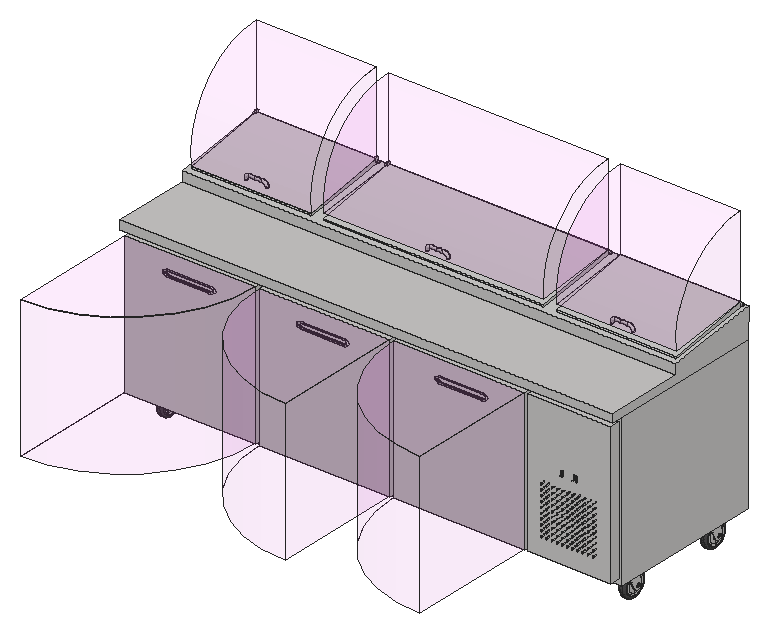
Revit family "QF_Kelvinator_738254_KCHPT92.12", category Specialty Equipment, Revit 2023 (continued)
Definition of nested family "KCHPT"
  Forms (in)
    Extrusion 41, solid
      from 1.5672 to 25.76153
    Sweep 42, solid
      path origin (8.15263, -29.19996, 32.23218) x (0, 0, -1) y (1, 0, 0)
        loop
          line (2.82291, 34.44693) -> (2.48479, 34.98793)
          arc (2.48479, 34.98793) -> (2.38541, 35.04301) -> (2.28604, 34.98793) r 0.11719
          line (2.28604, 34.98793) -> (1.94791, 34.44693) -> (1.94791, 26.10318) -> (2.28462, 25.56446)
          arc (2.28462, 25.56446) -> (2.38541, 25.50859) -> (2.48621, 25.56446) r 0.11887
          line (2.48621, 25.56446) -> (2.82291, 26.10318) -> (2.82291, 34.44693)
      profile origin (38.42768, -29.19996, 29.40927) x (0, 0, -1) y (0, -1, 0)
        loop
          line (0, 2.8) -> (0.25, 2.8)
          arc (0.25, 2.8) -> (0.125, 2.85269) -> (0, 2.8) r 0.17461
    Sweep 43, solid
      path origin (34.65263, -29.19996, 32.23218) x (0, 0, -1) y (1, 0, 0)
        loop
          line (2.82291, 34.45318) -> (2.48479, 34.99418)
          arc (2.48479, 34.99418) -> (2.38541, 35.04926) -> (2.28604, 34.99418) r 0.11719
          line (2.28604, 34.99418) -> (1.94791, 34.45318) -> (1.94791, 26.10318) -> (2.28462, 25.56446)
          arc (2.28462, 25.56446) -> (2.38541, 25.50859) -> (2.48621, 25.56446) r 0.11887
          line (2.48621, 25.56446) -> (2.82291, 26.10318) -> (2.82291, 34.45318)
      profile origin (64.93081, -29.19996, 29.40927) x (0, 0, -1) y (0, -1, 0)
        loop
          line (0, 2.8) -> (0.25, 2.8)
          arc (0.25, 2.8) -> (0.125, 2.85269) -> (0, 2.8) r 0.17461
    Extrusion 44, void
      sketch origin (8.15263, -31.99996, 32.23218) x (0, 0, 1) y (1, 0, 0)
        loop
          line (-1.94791, 26.10318) -> (-1.94791, 34.44693) -> (-2.28604, 34.98793)
          arc (-2.28604, 34.98793) -> (-2.38541, 35.04301) -> (-2.48479, 34.98793) r 0.11719
          line (-2.48479, 34.98793) -> (-2.82291, 34.44693) -> (-2.82291, 26.10318) -> (-2.48621, 25.56446)
          arc (-2.48621, 25.56446) -> (-2.38541, 25.50859) -> (-2.28462, 25.56446) r 0.11887
          line (-2.28462, 25.56446) -> (-1.94791, 26.10318)
      from 0 to 0.31887
    Extrusion 45, void
      sketch origin (34.65263, -31.99996, 32.23218) x (0, 0, 1) y (1, 0, 0)
        loop
          line (-1.94791, 26.10318) -> (-1.94791, 34.45318) -> (-2.28604, 34.99418)
          arc (-2.28604, 34.99418) -> (-2.38541, 35.04926) -> (-2.48479, 34.99418) r 0.11719
          line (-2.48479, 34.99418) -> (-2.82291, 34.45318) -> (-2.82291, 26.10318) -> (-2.48621, 25.56446)
          arc (-2.48621, 25.56446) -> (-2.38541, 25.50859) -> (-2.28462, 25.56446) r 0.11887
          line (-2.28462, 25.56446) -> (-1.94791, 26.10318)
      from 0 to 0.31887
    Extrusion 46, solid, visible <- "Show Clearance"
      sketch origin (0.80534, 0, 0) x (0, -1, 0) y (0, 0, 1)
        loop
          line (0.74307, 40.99337) -> (16.15625, 38.30126)
          arc (16.15625, 38.30126) -> (12.72088, 51.06043) -> (0.74307, 56.63989) r 15.64652
          line (0.74307, 56.63989) -> (0.74307, 40.99337)
      from 0 to -22.9
    Extrusion 47, solid, visible <- "Show Clearance"
      sketch origin (93.39466, 0, 0) x (0, -1, 0) y (0, 0, -1)
        loop
          line (0.73136, -40.92452) -> (0.73136, -56.45206)
          arc (0.73136, -56.45206) -> (12.32408, -51.25474) -> (16.15625, -39.14203) r 15.52754
          line (16.15625, -39.14203) -> (0.73136, -40.92452)
      from 0 to -22.9
    Extrusion 48, solid, visible <- "Show Clearance"
      sketch origin (48.89284, 0, 0) x (0, -1, 0) y (0, 0, -1)
        loop
          line (0.73136, -40.92452) -> (0.73136, -56.45206)
          arc (0.73136, -56.45206) -> (12.32408, -51.25474) -> (16.15625, -39.14203) r 15.52754
          line (16.15625, -39.14203) -> (0.73136, -40.92452)
      from 19.2 to -22.9
    Extrusion 49, solid, visible <- "Show Clearance"
      sketch origin (25.64679, -30.25, 6.4809) x (0, 1, 0) y (1, 0, 0)
        loop
          arc (-1.75, 0) -> (-19.42767, -7.32233) -> (-26.75, -25) r 25
          line (-26.75, -25) -> (-1.75, -25) -> (-1.75, 0)
        loop
          line (-1.75, 25.69547) -> (-26.75, 25.69547)
          arc (-26.75, 25.69547) -> (-19.42767, 8.0178) -> (-1.75, 0.69547) r 25
          line (-1.75, 0.69547) -> (-1.75, 25.69547)
        loop
          line (-1.75, 51.39547) -> (-26.75, 51.39547)
          arc (-26.75, 51.39547) -> (-19.42767, 33.7178) -> (-1.75, 26.39547) r 25
          line (-1.75, 26.39547) -> (-1.75, 51.39547)
      from 0 to -26.9
  Cuts and joins
    joined: Extrusion 4, Extrusion 5, Revolve 6, Sweep 7
    Extrusion 11 cuts Extrusion 8
    Extrusion 12 cuts Extrusion 2
    joined: Extrusion 14, Extrusion 15, Extrusion 16, Revolve 17, Revolve 18, Sweep 19
    Extrusion 32, Extrusion 44 cuts Extrusion 28
    Extrusion 44, Extrusion 45 cuts Extrusion 34
    Extrusion 45 cuts Extrusion 38
  Lines and regions (in)
    symbolic lines
      curve 1: line (0, 0, 0) -> (0, -32.3125, 0)
      curve 2: line (0, -17.4, 0) -> (94.1875, -17.4, 0)
      curve 3: line (94.1875, -32.3125, 0) -> (94.1875, 0, 0)
      curve 4: line (94.1875, 0, 0) -> (0, 0, 0)
      curve 5: line (0, -32.3125, 0) -> (94.1875, -32.3125, 0)
      curve 6: line (0.80534, -16.65751, 0) -> (23.70534, -16.65751, 0)
      curve 7: line (0.80534, -16.15625, 0) -> (23.70534, -16.15625, 0)
      curve 8: line (0.80534, -0.97488, 0) -> (0.80534, -16.65751, 0)
      curve 9: line (23.70534, -16.65751, 0) -> (23.70534, -0.97488, 0)
      curve 10: line (0.6648, -0.93994, 0) -> (0.94588, -0.93994, 0)
      curve 11: line (0.6648, -0.88039, 0) -> (0.94588, -0.88039, 0)
      curve 12: line (0.6648, -0.58362, 0) -> (0.94588, -0.58362, 0)
      curve 13: line (0.6648, -0.48188, 0) -> (0.94588, -0.48188, 0)
      curve 14: line (0.94588, -0.97488, 0) -> (0.94588, -0.34814, 0)
      curve 15: line (0.6648, -0.34814, 0) -> (0.6648, -0.97818, 0)
      curve 16: line (23.5648, -0.73136, 0) -> (0.94588, -0.73136, 0)
      curve 17: line (0.2849, -0.62438, 0) -> (0.2849, -0.92764, 0)
      curve 18: line (0.2849, -0.92764, 0) -> (0.32057, -0.92764, 0)
      curve 19: line (0.2849, -0.62438, 0) -> (0.32057, -0.62438, 0)
      curve 20: line (0.32057, -0.57383, 0) -> (0.32057, -0.97818, 0)
      curve 21: line (0.6648, -0.97818, 0) -> (0.32057, -0.97818, 0)
      curve 22: line (0.32057, -0.57383, 0) -> (0.6648, -0.57383, 0)
      curve 23: line (0.6648, -0.97488, 0) -> (0.94588, -0.97488, 0)
      curve 24: line (23.84588, -0.93994, 0) -> (23.5648, -0.93994, 0)
      curve 25: line (23.84588, -0.88039, 0) -> (23.5648, -0.88039, 0)
      curve 26: line (23.84588, -0.58362, 0) -> (23.5648, -0.58362, 0)
      curve 27: line (23.84588, -0.48188, 0) -> (23.5648, -0.48188, 0)
      curve 28: line (23.5648, -0.97488, 0) -> (23.5648, -0.34814, 0)
      curve 29: line (23.84588, -0.34814, 0) -> (23.84588, -0.97818, 0)
      curve 30: line (24.22053, -0.62438, 0) -> (24.22053, -0.92764, 0)
      curve 31: line (24.22053, -0.92764, 0) -> (24.18485, -0.92764, 0)
      curve 32: line (24.22053, -0.62438, 0) -> (24.18485, -0.62438, 0)
      curve 33: line (24.18485, -0.57383, 0) -> (24.18485, -0.97818, 0)
      curve 34: line (23.84588, -0.97818, 0) -> (24.18485, -0.97818, 0)
      curve 35: line (24.18485, -0.57383, 0) -> (23.84588, -0.57383, 0)
      curve 36: line (23.84588, -0.97488, 0) -> (23.5648, -0.97488, 0)
      curve 37: spline (44.75969, -15.22935, 0) -> (44.7641, -15.18301, 0) -> (44.77718, -15.1383, 0) -> (44.79845, -15.0968, 0) -> (44.82718, -15.05998, 0) -> (44.86235, -15.02914, 0) -> (44.90271, -15.00535, 0) -> (44.94684, -14.98947, 0) -> (44.9932, -14.98205, 0) -> (45.04013, -14.98336, 0) -> (45.08599, -14.99334, 0) -> (45.12916, -15.01165, 0) -> (45.16811, -15.03764, 0)
      curve 38: arc (44.75969, -15.22935, 0) -> (44.84595, -15.43762, 0) -> (45.0542, -15.52388, 0) r 0.29451
      curve 39: line (47.00969, -15.07149, 0) -> (45.59878, -15.07149, 0)
      curve 40: arc (45.16811, -15.03764, 0) -> (45.38278, -15.06302, 0) -> (45.59878, -15.07149, 0) r 2.75609
      curve 41: line (47.00969, -15.57149, 0) -> (45.69306, -15.57149, 0)
      curve 42: arc (45.0542, -15.52388, 0) -> (45.37274, -15.55957, 0) -> (45.69306, -15.57149, 0) r 4.31013
      curve 43: spline (49.25968, -15.22902, 0) -> (49.25522, -15.18271, 0) -> (49.2421, -15.13805, 0) -> (49.2208, -15.0966, 0) -> (49.19205, -15.05983, 0) -> (49.15688, -15.02903, 0) -> (49.11653, -15.00529, 0) -> (49.07241, -14.98945, 0) -> (49.02607, -14.98206, 0) -> (48.97917, -14.98338, 0) -> (48.93333, -14.99336, 0) -> (48.89019, -15.01167, 0) -> (48.85126, -15.03764, 0)
      curve 44: arc (49.25968, -15.22902, 0) -> (49.17355, -15.4375, 0) -> (48.96517, -15.52388, 0) r 0.29451
      curve 45: line (47.00969, -15.07149, 0) -> (48.4206, -15.07149, 0)
      curve 46: arc (48.85126, -15.03764, 0) -> (48.63659, -15.06302, 0) -> (48.4206, -15.07149, 0) r 2.75609
      curve 47: line (47.00969, -15.57149, 0) -> (48.32631, -15.57149, 0)
      curve 48: arc (48.96517, -15.52388, 0) -> (48.64663, -15.55957, 0) -> (48.32631, -15.57149, 0) r 4.31013
      curve 49: line (0.94588, -0.71931, 0) -> (23.5648, -0.71931, 0)
      curve 50: line (23.5648, -0.54253, 0) -> (0.94588, -0.54253, 0)
      curve 51: line (0.94588, -0.44954, 0) -> (23.5648, -0.44954, 0)
      curve 52: spline (10.10052, -15.22935, 0) -> (10.10493, -15.18301, 0) -> (10.11801, -15.1383, 0) -> (10.13929, -15.0968, 0) -> (10.16801, -15.05998, 0) -> (10.20318, -15.02914, 0) -> (10.24354, -15.00535, 0) -> (10.28768, -14.98947, 0) -> (10.33403, -14.98205, 0) -> (10.38096, -14.98336, 0) -> (10.42682, -14.99334, 0) -> (10.46999, -15.01165, 0) -> (10.50895, -15.03764, 0)
      curve 53: arc (10.10052, -15.22935, 0) -> (10.18678, -15.43762, 0) -> (10.39503, -15.52388, 0) r 0.29451
      curve 54: line (12.35052, -15.07149, 0) -> (10.93961, -15.07149, 0)
      curve 55: arc (10.50895, -15.03764, 0) -> (10.72361, -15.06302, 0) -> (10.93961, -15.07149, 0) r 2.75609
      curve 56: line (12.35052, -15.57149, 0) -> (11.03389, -15.57149, 0)
      curve 57: arc (10.39503, -15.52388, 0) -> (10.71358, -15.55957, 0) -> (11.03389, -15.57149, 0) r 4.31013
      curve 58: spline (14.60051, -15.22902, 0) -> (14.59605, -15.18271, 0) -> (14.58293, -15.13805, 0) -> (14.56163, -15.0966, 0) -> (14.53288, -15.05983, 0) -> (14.49772, -15.02903, 0) -> (14.45736, -15.00529, 0) -> (14.41324, -14.98945, 0) -> (14.36691, -14.98206, 0) -> (14.32, -14.98338, 0) -> (14.27416, -14.99336, 0) -> (14.23102, -15.01167, 0) -> (14.19209, -15.03764, 0)
      curve 59: arc (14.60051, -15.22902, 0) -> (14.51438, -15.4375, 0) -> (14.306, -15.52388, 0) r 0.29451
      curve 60: line (12.35052, -15.07149, 0) -> (13.76143, -15.07149, 0)
      curve 61: arc (14.19209, -15.03764, 0) -> (13.97742, -15.06302, 0) -> (13.76143, -15.07149, 0) r 2.75609
      curve 62: line (12.35052, -15.57149, 0) -> (13.66715, -15.57149, 0)
      curve 63: arc (14.306, -15.52388, 0) -> (13.98746, -15.55957, 0) -> (13.66715, -15.57149, 0) r 4.31013
      curve 64: line (93.39466, -16.65751, 0) -> (70.49466, -16.65751, 0)
      curve 65: line (93.39466, -16.15625, 0) -> (70.49466, -16.15625, 0)
      curve 66: line (93.39466, -0.97488, 0) -> (93.39466, -16.65751, 0)
      curve 67: line (70.49466, -16.65751, 0) -> (70.49466, -0.97488, 0)
      curve 68: line (93.5352, -0.93994, 0) -> (93.25412, -0.93994, 0)
      curve 69: line (93.5352, -0.88039, 0) -> (93.25412, -0.88039, 0)
      curve 70: line (93.5352, -0.58362, 0) -> (93.25412, -0.58362, 0)
      curve 71: line (93.5352, -0.48188, 0) -> (93.25412, -0.48188, 0)
      curve 72: line (93.25412, -0.97488, 0) -> (93.25412, -0.34814, 0)
      curve 73: line (93.5352, -0.34814, 0) -> (93.5352, -0.97818, 0)
      curve 74: line (70.6352, -0.73136, 0) -> (93.25412, -0.73136, 0)
      curve 75: line (93.9026, -0.62438, 0) -> (93.9026, -0.92764, 0)
      curve 76: line (93.9026, -0.92764, 0) -> (93.86693, -0.92764, 0)
      curve 77: line (93.9026, -0.62438, 0) -> (93.86693, -0.62438, 0)
      curve 78: line (93.86693, -0.57383, 0) -> (93.86693, -0.97818, 0)
      curve 79: line (93.5352, -0.97818, 0) -> (93.86693, -0.97818, 0)
      curve 80: line (93.86693, -0.57383, 0) -> (93.5352, -0.57383, 0)
      curve 81: line (93.5352, -0.97488, 0) -> (93.25412, -0.97488, 0)
      curve 82: line (70.35412, -0.93994, 0) -> (70.6352, -0.93994, 0)
      curve 83: line (70.35412, -0.88039, 0) -> (70.6352, -0.88039, 0)
      curve 84: line (70.35412, -0.58362, 0) -> (70.6352, -0.58362, 0)
      curve 85: line (70.35412, -0.48188, 0) -> (70.6352, -0.48188, 0)
      curve 86: line (70.6352, -0.97488, 0) -> (70.6352, -0.34814, 0)
      curve 87: line (70.35412, -0.34814, 0) -> (70.35412, -0.97818, 0)
      curve 88: line (69.97947, -0.62438, 0) -> (69.97947, -0.92764, 0)
      curve 89: line (69.97947, -0.92764, 0) -> (70.01515, -0.92764, 0)
      curve 90: line (69.97947, -0.62438, 0) -> (70.01515, -0.62438, 0)
      curve 91: line (70.01515, -0.57383, 0) -> (70.01515, -0.97818, 0)
      curve 92: line (70.35412, -0.97818, 0) -> (70.01515, -0.97818, 0)
      curve 93: line (70.01515, -0.57383, 0) -> (70.35412, -0.57383, 0)
      curve 94: line (70.35412, -0.97488, 0) -> (70.6352, -0.97488, 0)
      curve 95: line (93.25412, -0.71931, 0) -> (70.6352, -0.71931, 0)
      curve 96: line (70.6352, -0.54253, 0) -> (93.25412, -0.54253, 0)
      curve 97: line (93.25412, -0.44954, 0) -> (70.6352, -0.44954, 0)
      curve 98: line (68.09284, -16.65751, 0) -> (25.99284, -16.65751, 0)
      curve 99: line (68.09284, -16.15625, 0) -> (25.99284, -16.15625, 0)
      curve 100: line (68.09284, -0.97488, 0) -> (68.09284, -16.65751, 0)
      curve 101: line (25.99284, -16.65751, 0) -> (25.99284, -0.97488, 0)
      curve 102: line (68.23338, -0.93994, 0) -> (67.9523, -0.93994, 0)
      curve 103: line (68.23338, -0.88039, 0) -> (67.9523, -0.88039, 0)
      curve 104: line (68.23338, -0.58362, 0) -> (67.9523, -0.58362, 0)
      curve 105: line (68.23338, -0.48188, 0) -> (67.9523, -0.48188, 0)
      curve 106: line (67.9523, -0.97488, 0) -> (67.9523, -0.34814, 0)
      curve 107: line (68.23338, -0.34814, 0) -> (68.23338, -0.97818, 0)
      curve 108: line (26.13338, -0.73136, 0) -> (67.9523, -0.73136, 0)
      curve 109: line (68.60803, -0.62438, 0) -> (68.60803, -0.92764, 0)
      curve 110: line (68.60803, -0.92764, 0) -> (68.57235, -0.92764, 0)
      curve 111: line (68.60803, -0.62438, 0) -> (68.57235, -0.62438, 0)
      curve 112: line (68.57235, -0.57383, 0) -> (68.57235, -0.97818, 0)
      curve 113: line (68.23338, -0.97818, 0) -> (68.57235, -0.97818, 0)
      curve 114: line (68.57235, -0.57383, 0) -> (68.23338, -0.57383, 0)
      curve 115: line (68.23338, -0.97488, 0) -> (67.9523, -0.97488, 0)
      curve 116: line (25.8523, -0.93994, 0) -> (26.13338, -0.93994, 0)
      curve 117: line (25.8523, -0.88039, 0) -> (26.13338, -0.88039, 0)
      curve 118: line (25.8523, -0.58362, 0) -> (26.13338, -0.58362, 0)
      curve 119: line (25.8523, -0.48188, 0) -> (26.13338, -0.48188, 0)
      curve 120: line (26.13338, -0.97488, 0) -> (26.13338, -0.34814, 0)
      curve 121: line (25.8523, -0.34814, 0) -> (25.8523, -0.97818, 0)
      curve 122: line (25.47766, -0.62438, 0) -> (25.47766, -0.92764, 0)
      curve 123: line (25.47766, -0.92764, 0) -> (25.51334, -0.92764, 0)
      curve 124: line (25.47766, -0.62438, 0) -> (25.51334, -0.62438, 0)
      curve 125: line (25.51334, -0.57383, 0) -> (25.51334, -0.97818, 0)
      curve 126: line (25.8523, -0.97818, 0) -> (25.51334, -0.97818, 0)
      curve 127: line (25.51334, -0.57383, 0) -> (25.8523, -0.57383, 0)
      curve 128: line (25.8523, -0.97488, 0) -> (26.13338, -0.97488, 0)
      curve 129: line (67.9523, -0.71931, 0) -> (26.13338, -0.71931, 0)
      curve 130: line (26.13338, -0.54253, 0) -> (67.9523, -0.54253, 0)
      curve 131: line (67.9523, -0.44954, 0) -> (26.13338, -0.44954, 0)
      curve 132: spline (80.09407, -15.22935, 0) -> (80.09848, -15.18301, 0) -> (80.11155, -15.1383, 0) -> (80.13283, -15.0968, 0) -> (80.16156, -15.05998, 0) -> (80.19672, -15.02914, 0) -> (80.23708, -15.00535, 0) -> (80.28122, -14.98947, 0) -> (80.32757, -14.98205, 0) -> (80.37451, -14.98336, 0) -> (80.42037, -14.99334, 0) -> (80.46353, -15.01165, 0) -> (80.50249, -15.03764, 0)
      curve 133: arc (80.09407, -15.22935, 0) -> (80.18032, -15.43762, 0) -> (80.38858, -15.52388, 0) r 0.29451
      curve 134: line (82.34406, -15.07149, 0) -> (80.93315, -15.07149, 0)
      curve 135: arc (80.50249, -15.03764, 0) -> (80.71716, -15.06302, 0) -> (80.93315, -15.07149, 0) r 2.75609
      curve 136: line (82.34406, -15.57149, 0) -> (81.02743, -15.57149, 0)
      curve 137: arc (80.38858, -15.52388, 0) -> (80.70712, -15.55957, 0) -> (81.02743, -15.57149, 0) r 4.31013
      curve 138: spline (84.59406, -15.22913, 0) -> (84.58961, -15.18281, 0) -> (84.57651, -15.13813, 0) -> (84.55521, -15.09667, 0) -> (84.52648, -15.05988, 0) -> (84.49131, -15.02907, 0) -> (84.45095, -15.00532, 0) -> (84.40682, -14.98946, 0) -> (84.36049, -14.98206, 0) -> (84.31357, -14.98337, 0) -> (84.26772, -14.99336, 0) -> (84.22457, -15.01166, 0) -> (84.18563, -15.03764, 0)
      curve 139: arc (84.59406, -15.22913, 0) -> (84.50788, -15.43754, 0) -> (84.29954, -15.52388, 0) r 0.29451
      curve 140: line (82.34406, -15.07149, 0) -> (83.75497, -15.07149, 0)
      curve 141: arc (84.18563, -15.03764, 0) -> (83.97097, -15.06302, 0) -> (83.75497, -15.07149, 0) r 2.75609
      curve 142: line (82.34406, -15.57149, 0) -> (83.66069, -15.57149, 0)
      curve 143: arc (84.29954, -15.52388, 0) -> (83.981, -15.55957, 0) -> (83.66069, -15.57149, 0) r 4.31013
      curve 150: line (93.5352, -0.34814, 0) -> (93.25412, -0.34814, 0)
      curve 151: line (70.35412, -0.34814, 0) -> (70.6352, -0.34814, 0)
      curve 152: line (67.9523, -0.34814, 0) -> (68.23338, -0.34814, 0)
      curve 153: line (25.8523, -0.34814, 0) -> (26.13338, -0.34814, 0)
      curve 154: line (23.5648, -0.34814, 0) -> (23.84588, -0.34814, 0)
      curve 155: line (0.6648, -0.34814, 0) -> (0.94588, -0.34814, 0)
    symbolic lines, visible <- "Show Clearance"
      curve 144: arc (25.64554, -32.3125, 0) -> (24.76228, -38.65364, 0) -> (22.29743, -44.5625, 0) r 25
      curve 145: line (1.0798, -32.3125, 0) -> (22.29743, -44.5625, 0)
      curve 146: arc (29.69163, -44.5625, 0) -> (27.22677, -38.65364, 0) -> (26.34351, -32.3125, 0) r 25
      curve 147: line (29.69163, -44.5625, 0) -> (50.90925, -32.3125, 0)
      curve 148: arc (55.39163, -44.5625, 0) -> (52.92677, -38.65364, 0) -> (52.04351, -32.3125, 0) r 25
      curve 149: line (55.39163, -44.5625, 0) -> (76.60925, -32.3125, 0)
  Dimensions and locks (in)
    equal spacing: plane 3 "LEFT", plane 7 "Center Y", plane 4 "RIGHT"
    "Length": plane 3 "LEFT" to plane 4 "RIGHT"
    equal spacing: plane 5 "FRONT", plane 8 "Center X", plane 1 "BACK"
    "Depth": plane 5 "FRONT" to plane 1 "BACK"
    "Height": plane 6 "TOP" to level
    plane 5 "FRONT" to plane 1 "BACK" = 32 5/16"
    plane 9 to plane 1 "BACK" = 17.4"
    plane 10 to plane 11 = 28.3"
    plane 12 to plane 10 = 5.9"
    plane 6 "TOP" to plane 11 = 35.27917"
    plane 13 to plane 10 = 1.6"
    level to plane 14 = 5 1/2"
    plane 16 to plane 15 = 26.8"
    locked: plane 19 to plane 17 at 42.1
    Extrusion 22 to Extrusion 22 = 22.9"
    plane 3 "LEFT" to plane 4 "RIGHT" = 94 3/16"
    aligned and locked: level to plane 2
    aligned and locked: Extrusion 13 to Extrusion 1
    aligned and locked: Extrusion 1 to plane 4 "RIGHT"
    aligned and locked: Extrusion 3 to plane 4 "RIGHT"
    aligned and locked: cut or joined group of Extrusion 14, Extrusion 15, Extrusion 16, Revolve 17, Revolve 18, Sweep 19 to plane 18
    aligned and locked: cut or joined group of Extrusion 4, Extrusion 5, Revolve 6, Sweep 7 to plane 17
  Automatic sketch dimensions
    Extrusion 3 sketch curve to plane 5 "FRONT" = 0"
    Extrusion 3 sketch curve to plane 9 = 0"
    Extrusion 3 sketch curve to plane 1 "BACK" = 0"
    Extrusion 3 sketch curve to plane 10 = 0"
    Extrusion 3 sketch curve to plane 13 = 0"
    Extrusion 3 sketch curve to plane 12 = 0"
    Extrusion 3 sketch curve to Extrusion 3 sketch curve = 2"
    Extrusion 4 sketch curve to plane 8 "Center X" = 0"
    Extrusion 4 sketch curve to plane 8 "Center X" = 0.50126"
    Extrusion 4 sketch curve to plane 6 "TOP" = 0.38798"
    plane 1 "BACK" to Extrusion 4 sketch curve = 0.73136"
    Extrusion 4 sketch curve to plane 12 = 0.07935"
    plane 1 "BACK" to Extrusion 4 sketch curve = 0.60032"
    Extrusion 5 sketch curve to plane 6 "TOP" = 0"
    Extrusion 5 sketch curve to plane 6 "TOP" = 0.4535"
    plane 1 "BACK" to Extrusion 5 sketch curve = 0.97488"
    Extrusion 5 sketch curve to Extrusion 5 sketch curve = 0.03494"
    Extrusion 5 sketch curve to plane 6 "TOP" = 0.10315"
    Extrusion 5 sketch curve to Extrusion 5 sketch curve = 0.05955"
    Extrusion 5 sketch curve to plane 12 = 0.14487"
    plane 1 "BACK" to Extrusion 5 sketch curve = 0.84383"
    Extrusion 5 sketch curve to Extrusion 5 sketch curve = 0.24784"
    Extrusion 5 sketch curve to plane 6 "TOP" = 0.30034"
    Extrusion 5 sketch curve to Extrusion 5 sketch curve = 0.03226"
    Extrusion 5 sketch curve to plane 6 "TOP" = 0.26026"
    Extrusion 5 sketch curve to Extrusion 5 sketch curve = 0.04008"
    Extrusion 5 sketch curve to Extrusion 5 sketch curve = 0.05475"
    Extrusion 5 sketch curve to plane 6 "TOP" = 0.25129"
    Extrusion 5 sketch curve to Extrusion 5 sketch curve = 0.03347"
    Extrusion 5 sketch curve to plane 6 "TOP" = 0.06671"
    Extrusion 5 sketch curve to Extrusion 5 sketch curve = 0.0376"
    Extrusion 5 sketch curve to plane 6 "TOP" = 0.16845"
    Extrusion 5 sketch curve to Extrusion 5 sketch curve = 0.10174"
    Extrusion 5 sketch curve to plane 12 = 0.07935"
    Extrusion 5 sketch curve to plane 6 "TOP" = 0.45216"
    Extrusion 5 sketch curve to Extrusion 5 sketch curve = 0.12039"
    Sweep 7 sketch curve to plane 7 "Center Y" = 0.08824"
    Sweep 7 sketch curve to Sweep 7 sketch curve = 3/4"  (x2)
    Sweep 7 sketch curve to Sweep 7 sketch curve = 1 1/4"
    plane 7 "Center Y" to Sweep 7 sketch curve = 1.16176"
    Sweep 7 sketch curve to Sweep 7 sketch curve = 3/16"  (x2)
    profile plane to Sweep 7 sketch curve = 0"  (x2)
    Extrusion 14 sketch curve to plane 8 "Center X" = 0"
    Extrusion 14 sketch curve to plane 8 "Center X" = 0.50126"
    Extrusion 14 sketch curve to plane 6 "TOP" = 0.38798"
    plane 1 "BACK" to Extrusion 14 sketch curve = 0.73136"
    Extrusion 14 sketch curve to plane 12 = 0.07935"
    plane 1 "BACK" to Extrusion 14 sketch curve = 0.60032"
    Extrusion 15 sketch curve to plane 6 "TOP" = 0"
    Extrusion 15 sketch curve to plane 6 "TOP" = 0.4535"
    plane 1 "BACK" to Extrusion 15 sketch curve = 0.97488"
    Extrusion 15 sketch curve to Extrusion 15 sketch curve = 0.03494"
    Extrusion 15 sketch curve to plane 6 "TOP" = 0.10315"
    Extrusion 15 sketch curve to Extrusion 15 sketch curve = 0.05955"
    Extrusion 15 sketch curve to plane 12 = 0.14487"
    plane 1 "BACK" to Extrusion 15 sketch curve = 0.84383"
    Extrusion 15 sketch curve to Extrusion 15 sketch curve = 0.24784"
    Extrusion 15 sketch curve to plane 6 "TOP" = 0.30034"
    Extrusion 15 sketch curve to Extrusion 15 sketch curve = 0.03226"
    Extrusion 15 sketch curve to plane 6 "TOP" = 0.26026"
    Extrusion 15 sketch curve to Extrusion 15 sketch curve = 0.04008"
    Extrusion 15 sketch curve to Extrusion 15 sketch curve = 0.01467"
    Extrusion 15 sketch curve to plane 6 "TOP" = 0.25129"
    Extrusion 15 sketch curve to Extrusion 15 sketch curve = 0.03347"
    Extrusion 15 sketch curve to plane 6 "TOP" = 0.06671"
    Extrusion 15 sketch curve to Extrusion 15 sketch curve = 0.0376"
    Extrusion 15 sketch curve to plane 6 "TOP" = 0.16845"
    Extrusion 15 sketch curve to Extrusion 15 sketch curve = 0.10174"
    Extrusion 15 sketch curve to plane 12 = 0.07935"
    Extrusion 15 sketch curve to plane 6 "TOP" = 0.45216"
    Extrusion 15 sketch curve to Extrusion 15 sketch curve = 0.12039"
    Extrusion 16 sketch curve to plane 6 "TOP" = 0"
    Extrusion 16 sketch curve to plane 6 "TOP" = 0.4535"
    plane 1 "BACK" to Extrusion 16 sketch curve = 0.97488"
    Extrusion 16 sketch curve to Extrusion 16 sketch curve = 0.03494"
    Extrusion 16 sketch curve to plane 6 "TOP" = 0.10315"
    Extrusion 16 sketch curve to Extrusion 16 sketch curve = 0.05955"
    Extrusion 16 sketch curve to plane 12 = 0.14487"
    plane 1 "BACK" to Extrusion 16 sketch curve = 0.84383"
    Extrusion 16 sketch curve to Extrusion 16 sketch curve = 0.24784"
    Extrusion 16 sketch curve to plane 6 "TOP" = 0.30034"
    Extrusion 16 sketch curve to Extrusion 16 sketch curve = 0.03226"
    Extrusion 16 sketch curve to plane 6 "TOP" = 0.26026"
    Extrusion 16 sketch curve to Extrusion 16 sketch curve = 0.04008"
    Extrusion 16 sketch curve to Extrusion 16 sketch curve = 0.01467"
    Extrusion 16 sketch curve to plane 6 "TOP" = 0.25129"
    Extrusion 16 sketch curve to Extrusion 16 sketch curve = 0.03347"
    Extrusion 16 sketch curve to plane 6 "TOP" = 0.06671"
    Extrusion 16 sketch curve to Extrusion 16 sketch curve = 0.0376"
    Extrusion 16 sketch curve to plane 6 "TOP" = 0.16845"
    Extrusion 16 sketch curve to Extrusion 16 sketch curve = 0.10174"
    Extrusion 16 sketch curve to plane 12 = 0.07935"
    Extrusion 16 sketch curve to plane 6 "TOP" = 0.45216"
    Extrusion 16 sketch curve to Extrusion 16 sketch curve = 0.12039"
    Extrusion 20 sketch curve to plane 6 "TOP" = 0"
    Extrusion 20 sketch curve to plane 6 "TOP" = 0.4535"
    plane 1 "BACK" to Extrusion 20 sketch curve = 0.97488"
    Extrusion 20 sketch curve to Extrusion 20 sketch curve = 0.03494"
    Extrusion 20 sketch curve to plane 6 "TOP" = 0.10315"
    Extrusion 20 sketch curve to Extrusion 20 sketch curve = 0.05955"
    Extrusion 20 sketch curve to plane 12 = 0.14487"
    plane 1 "BACK" to Extrusion 20 sketch curve = 0.84383"
    Extrusion 20 sketch curve to Extrusion 20 sketch curve = 0.24784"
    Extrusion 20 sketch curve to plane 6 "TOP" = 0.30034"
    Extrusion 20 sketch curve to Extrusion 20 sketch curve = 0.03226"
    Extrusion 20 sketch curve to plane 6 "TOP" = 0.26026"
    Extrusion 20 sketch curve to Extrusion 20 sketch curve = 0.04008"
    Extrusion 20 sketch curve to Extrusion 20 sketch curve = 0.05475"
    Extrusion 20 sketch curve to plane 6 "TOP" = 0.25129"
    Extrusion 20 sketch curve to Extrusion 20 sketch curve = 0.03347"
    Extrusion 20 sketch curve to plane 6 "TOP" = 0.06671"
    Extrusion 20 sketch curve to Extrusion 20 sketch curve = 0.0376"
    Extrusion 20 sketch curve to plane 6 "TOP" = 0.16845"
    Extrusion 20 sketch curve to Extrusion 20 sketch curve = 0.10174"
    Extrusion 20 sketch curve to plane 12 = 0.07935"
    Extrusion 20 sketch curve to plane 6 "TOP" = 0.45216"
    Extrusion 20 sketch curve to Extrusion 20 sketch curve = 0.12039"
    Revolve 21 sketch curve to plane 6 "TOP" = 67/128"
    Revolve 21 sketch curve to Revolve 21 sketch curve = 0.05054"
    Revolve 21 sketch curve to Revolve 21 sketch curve = 0.15163"
    plane 19 to Revolve 21 sketch curve = 0.51518"
    Revolve 21 sketch curve to Revolve 21 sketch curve = 0.03568"
    plane 19 to Revolve 21 sketch curve = 0.14054"
    Revolve 21 sketch curve to Revolve 21 sketch curve = 0"
    Revolve 21 sketch curve to Revolve 21 sketch curve = 0.18136"
    Revolve 21 sketch curve to Revolve 21 sketch curve = 0.00526"
    Extrusion 22 sketch curve to plane 8 "Center X" = 0"
    Extrusion 22 sketch curve to plane 8 "Center X" = 0.50126"
    Extrusion 22 sketch curve to plane 6 "TOP" = 0.38798"
    plane 1 "BACK" to Extrusion 22 sketch curve = 0.73136"
    Extrusion 22 sketch curve to plane 12 = 0.07935"
    plane 1 "BACK" to Extrusion 22 sketch curve = 0.60032"
    Extrusion 23 sketch curve to plane 6 "TOP" = 0"
    Extrusion 23 sketch curve to plane 6 "TOP" = 0.4535"
    plane 1 "BACK" to Extrusion 23 sketch curve = 0.97488"
    Extrusion 23 sketch curve to Extrusion 23 sketch curve = 0.03494"
    Extrusion 23 sketch curve to plane 6 "TOP" = 0.10315"
    Extrusion 23 sketch curve to Extrusion 23 sketch curve = 0.05955"
    Extrusion 23 sketch curve to plane 12 = 0.14487"
    plane 1 "BACK" to Extrusion 23 sketch curve = 0.84383"
    Extrusion 23 sketch curve to Extrusion 23 sketch curve = 0.24784"
    Extrusion 23 sketch curve to plane 6 "TOP" = 0.30034"
    Extrusion 23 sketch curve to Extrusion 23 sketch curve = 0.03226"
    Extrusion 23 sketch curve to plane 6 "TOP" = 0.26026"
    Extrusion 23 sketch curve to Extrusion 23 sketch curve = 0.04008"
    Extrusion 23 sketch curve to Extrusion 23 sketch curve = 0.05475"
    Extrusion 23 sketch curve to plane 6 "TOP" = 0.25129"
    Extrusion 23 sketch curve to Extrusion 23 sketch curve = 0.03347"
    Extrusion 23 sketch curve to plane 6 "TOP" = 0.06671"
    Extrusion 23 sketch curve to Extrusion 23 sketch curve = 0.0376"
    Extrusion 23 sketch curve to plane 6 "TOP" = 0.16845"
    Extrusion 23 sketch curve to Extrusion 23 sketch curve = 0.10174"
    Extrusion 23 sketch curve to plane 12 = 0.07935"
    Extrusion 23 sketch curve to plane 6 "TOP" = 0.45216"
    Extrusion 23 sketch curve to Extrusion 23 sketch curve = 0.12039"
    Extrusion 24 sketch curve to plane 6 "TOP" = 0"
    Extrusion 24 sketch curve to plane 6 "TOP" = 0.4535"
    plane 1 "BACK" to Extrusion 24 sketch curve = 0.97488"
    Extrusion 24 sketch curve to Extrusion 24 sketch curve = 0.03494"
    Extrusion 24 sketch curve to plane 6 "TOP" = 0.10315"
    Extrusion 24 sketch curve to Extrusion 24 sketch curve = 0.05955"
    Extrusion 24 sketch curve to plane 12 = 0.14487"
    plane 1 "BACK" to Extrusion 24 sketch curve = 0.84383"
    Extrusion 24 sketch curve to Extrusion 24 sketch curve = 0.24784"
    Extrusion 24 sketch curve to plane 6 "TOP" = 0.30034"
    Extrusion 24 sketch curve to Extrusion 24 sketch curve = 0.03226"
    Extrusion 24 sketch curve to plane 6 "TOP" = 0.26026"
    Extrusion 24 sketch curve to Extrusion 24 sketch curve = 0.04008"
    Extrusion 24 sketch curve to Extrusion 24 sketch curve = 0.01467"
    Extrusion 24 sketch curve to plane 6 "TOP" = 0.25129"
    Extrusion 24 sketch curve to Extrusion 24 sketch curve = 0.03347"
    Extrusion 24 sketch curve to plane 6 "TOP" = 0.06671"
    Extrusion 24 sketch curve to Extrusion 24 sketch curve = 0.0376"
    Extrusion 24 sketch curve to plane 6 "TOP" = 0.16845"
    Extrusion 24 sketch curve to Extrusion 24 sketch curve = 0.10174"
    Extrusion 24 sketch curve to plane 12 = 0.07935"
    Extrusion 24 sketch curve to plane 6 "TOP" = 0.45216"
    Extrusion 24 sketch curve to Extrusion 24 sketch curve = 0.12039"
    Revolve 25 sketch curve to plane 6 "TOP" = 67/128"
    Revolve 25 sketch curve to Revolve 25 sketch curve = 0.05054"
    Revolve 25 sketch curve to Revolve 25 sketch curve = 0.15163"
    plane 3 "LEFT" to Revolve 25 sketch curve = 0.2849"
    Revolve 25 sketch curve to Revolve 25 sketch curve = 0.03568"
    Revolve 25 sketch curve to Revolve 25 sketch curve = 0.34423"
    Revolve 25 sketch curve to Revolve 25 sketch curve = 0"  (x2)
    plane 3 "LEFT" to Revolve 25 sketch curve = 0.10353"
    Revolve 26 sketch curve to plane 6 "TOP" = 67/128"
    Revolve 26 sketch curve to Revolve 26 sketch curve = 0.05054"
    Revolve 26 sketch curve to Revolve 26 sketch curve = 0.15163"
    plane 19 to Revolve 26 sketch curve = 2.14617"
    Revolve 26 sketch curve to Revolve 26 sketch curve = 0.33817"
    Revolve 26 sketch curve to Revolve 26 sketch curve = 0.03568"
    Revolve 26 sketch curve to Revolve 26 sketch curve = 0"
    Revolve 26 sketch curve to Revolve 26 sketch curve = 0.00606"
    Revolve 26 sketch curve to Revolve 26 sketch curve = 0.18136"
    plane 3 "LEFT" to Sweep 27 sketch curve = 12.35482"
    Sweep 27 sketch curve to Sweep 27 sketch curve = 3/4"  (x2)
    Sweep 27 sketch curve to Sweep 27 sketch curve = 1 1/4"  (x2)
    Sweep 27 sketch curve to Sweep 27 sketch curve = 3/16"  (x2)
    profile plane to Sweep 27 sketch curve = 0"  (x2)
    plane 15 to Extrusion 28 sketch curve = 0.20244"
    plane 16 to Extrusion 28 sketch curve = 0.30244"
    plane 3 "LEFT" to Extrusion 28 sketch curve = 0.64679"
    plane 19 to Extrusion 28 sketch curve = 0.34605"
    Extrusion 29 sketch curve to plane 16 = 0"
    plane 15 to Extrusion 29 sketch curve = 0.55"
    Extrusion 29 sketch curve to plane 5 "FRONT" = 1.38811"
    Extrusion 29 sketch curve to Extrusion 29 sketch curve = 1/4"
    Extrusion 30 sketch curve to plane 16 = 0"
    plane 15 to Extrusion 30 sketch curve = 0.55"
    Extrusion 30 sketch curve to plane 5 "FRONT" = 1.63811"
    Extrusion 30 sketch curve to Extrusion 30 sketch curve = 0.2269"
    Extrusion 31 sketch curve to plane 16 = 0"
    plane 15 to Extrusion 31 sketch curve = 0.55"
    Extrusion 31 sketch curve to plane 5 "FRONT" = 1.86501"
    Extrusion 31 sketch curve to Extrusion 31 sketch curve = 0.13499"
    plane 15 to Extrusion 32 sketch curve = 4.17406"
    Extrusion 32 sketch curve to Extrusion 32 sketch curve = 0.3367"
    Extrusion 32 sketch curve to Extrusion 32 sketch curve = 0.33813"  (x2)
    Extrusion 32 sketch curve to Extrusion 32 sketch curve = 0.09937"  (x2)
    Extrusion 32 sketch curve to Extrusion 32 sketch curve = 0.1008"  (x2)
    plane 3 "LEFT" to Extrusion 32 sketch curve = 8.21709"
    Extrusion 32 sketch curve to Extrusion 32 sketch curve = 0.063"
    Extrusion 32 sketch curve to Extrusion 32 sketch curve = 0.53872"  (x2)
    Extrusion 32 sketch curve to Extrusion 32 sketch curve = 8.35"
    Extrusion 32 sketch curve to Extrusion 32 sketch curve = 0"
    Extrusion 32 sketch curve to Extrusion 32 sketch curve = 0.47889"
    Extrusion 32 sketch curve to Extrusion 32 sketch curve = 0.06211"
    plane 15 to Sweep 33 sketch curve = 3.29906"
    Sweep 33 sketch curve to Sweep 33 sketch curve = 0.3367"
    Sweep 33 sketch curve to Sweep 33 sketch curve = 0.33813"  (x2)
    Sweep 33 sketch curve to Sweep 33 sketch curve = 0.09937"  (x2)
    Sweep 33 sketch curve to Sweep 33 sketch curve = 0.1008"  (x2)
    plane 3 "LEFT" to Sweep 33 sketch curve = 8.21709"
    Sweep 33 sketch curve to Sweep 33 sketch curve = 0.063"
    Sweep 33 sketch curve to Sweep 33 sketch curve = 0.53872"  (x2)
    Sweep 33 sketch curve to Sweep 33 sketch curve = 8.35"
    Sweep 33 sketch curve to Sweep 33 sketch curve = 0"
    Sweep 33 sketch curve to Sweep 33 sketch curve = 0.47889"
    Sweep 33 sketch curve to Sweep 33 sketch curve = 0.06211"
    Sweep 33 sketch curve to profile plane = 0"
    Sweep 33 sketch curve to profile plane = 1/8"
    profile plane to Sweep 33 sketch curve = 2.67809"
    Sweep 33 sketch curve to Sweep 33 sketch curve = 0.12191"
    plane 15 to Extrusion 34 sketch curve = 0.20244"
    plane 16 to Extrusion 34 sketch curve = 0.30244"
    Extrusion 34 sketch curve to plane 19 = 0.34942"
    plane 20 to Extrusion 34 sketch curve = 1.26632"
    plane 16 to Extrusion 35 sketch curve = 0"
    plane 15 to Extrusion 35 sketch curve = 0.55"
    Extrusion 35 sketch curve to plane 5 "FRONT" = 1.38811"
    Extrusion 35 sketch curve to Extrusion 35 sketch curve = 1/4"
    plane 16 to Extrusion 36 sketch curve = 0"
    plane 15 to Extrusion 36 sketch curve = 0.55"
    Extrusion 36 sketch curve to plane 5 "FRONT" = 1.63811"
    Extrusion 36 sketch curve to Extrusion 36 sketch curve = 0.2269"
    plane 16 to Extrusion 37 sketch curve = 0"
    plane 15 to Extrusion 37 sketch curve = 0.55"
    Extrusion 37 sketch curve to plane 5 "FRONT" = 1.86501"
    Extrusion 37 sketch curve to Extrusion 37 sketch curve = 0.13499"
    plane 16 to Extrusion 39 sketch curve = 0"
    plane 15 to Extrusion 39 sketch curve = 0.55"
    Extrusion 39 sketch curve to plane 5 "FRONT" = 1.38811"
    Extrusion 39 sketch curve to Extrusion 39 sketch curve = 1/4"
    plane 16 to Extrusion 40 sketch curve = 0"
    plane 15 to Extrusion 40 sketch curve = 0.55"
    Extrusion 40 sketch curve to plane 5 "FRONT" = 1.63811"
    Extrusion 40 sketch curve to Extrusion 40 sketch curve = 0.2269"
    plane 16 to Extrusion 41 sketch curve = 0"
    plane 15 to Extrusion 41 sketch curve = 0.55"
    Extrusion 41 sketch curve to plane 5 "FRONT" = 1.86501"
    Extrusion 41 sketch curve to Extrusion 41 sketch curve = 0.13499"
    plane 15 to Sweep 42 sketch curve = 3.29906"
    Sweep 42 sketch curve to Sweep 42 sketch curve = 0.3367"
    Sweep 42 sketch curve to Sweep 42 sketch curve = 0.33813"  (x2)
    Sweep 42 sketch curve to Sweep 42 sketch curve = 0.09937"  (x2)
    Sweep 42 sketch curve to Sweep 42 sketch curve = 0.1008"  (x2)
    Sweep 42 sketch curve to plane 19 = 7.72424"
    Sweep 42 sketch curve to Sweep 42 sketch curve = 0.063"
    Sweep 42 sketch curve to Sweep 42 sketch curve = 0.53872"  (x2)
    Sweep 42 sketch curve to plane 7 "Center Y" = 4.49419"
    Sweep 42 sketch curve to Sweep 42 sketch curve = 0"
    Sweep 42 sketch curve to Sweep 42 sketch curve = 0.47889"
    Sweep 42 sketch curve to Sweep 42 sketch curve = 0.06211"
    Sweep 42 sketch curve to profile plane = 0"
    Sweep 42 sketch curve to profile plane = 1/8"
    profile plane to Sweep 42 sketch curve = 2.67809"
    Sweep 42 sketch curve to Sweep 42 sketch curve = 0.12191"
    plane 15 to Extrusion 44 sketch curve = 4.17406"
    Extrusion 44 sketch curve to Extrusion 44 sketch curve = 0.3367"
    Extrusion 44 sketch curve to Extrusion 44 sketch curve = 0.33813"  (x2)
    Extrusion 44 sketch curve to Extrusion 44 sketch curve = 0.09937"  (x2)
    Extrusion 44 sketch curve to Extrusion 44 sketch curve = 0.1008"  (x2)
    Extrusion 44 sketch curve to plane 19 = 7.72424"
    Extrusion 44 sketch curve to Extrusion 44 sketch curve = 0.063"
    Extrusion 44 sketch curve to Extrusion 44 sketch curve = 0.53872"  (x2)
    Extrusion 44 sketch curve to plane 7 "Center Y" = 4.49419"
    Extrusion 44 sketch curve to Extrusion 44 sketch curve = 0"
    Extrusion 44 sketch curve to Extrusion 44 sketch curve = 0.47889"
    Extrusion 44 sketch curve to Extrusion 44 sketch curve = 0.06211"
    Extrusion 46 sketch curve to Extrusion 22 = 0"  (x4)
    Extrusion 22 to Extrusion 46 sketch curve = 0.06984"
    Extrusion 47 sketch curve to plane 8 "Center X" = 0"
    plane 1 "BACK" to Extrusion 47 sketch curve = 0.73136"
    plane 6 "TOP" to Extrusion 47 sketch curve = 15.13956"
    Extrusion 47 sketch curve to plane 6 "TOP" = 0.38798"
    Extrusion 47 sketch curve to Extrusion 47 sketch curve = 0"
    Extrusion 48 sketch curve to plane 8 "Center X" = 0"
    plane 1 "BACK" to Extrusion 48 sketch curve = 0.73136"
    plane 6 "TOP" to Extrusion 48 sketch curve = 15.13956"
    Extrusion 48 sketch curve to plane 6 "TOP" = 0.38798"
    Extrusion 48 sketch curve to Extrusion 48 sketch curve = 0"
    Extrusion 49 sketch curve to Extrusion 28 = 0"  (x3)
    Extrusion 28 to Extrusion 49 sketch curve = 0"  (x2)
    Extrusion 28 to Extrusion 49 sketch curve = 25"  (x2)
    Extrusion 49 sketch curve to Extrusion 28 = 0.69547"
    Extrusion 49 sketch curve to Extrusion 49 sketch curve = 0.7"
    curve 1 to plane 3 "LEFT" = 0"
    curve 7 to plane 8 "Center X" = 0"
    plane 5 "FRONT" to curve 145 = 0"
    curve 101 to plane 19 = 0"
    curve 99 to plane 8 "Center X" = 0"
    curve 67 to plane 18 = 0"
    plane 1 "BACK" to curve 4 = 0"
    curve 4 to plane 4 "RIGHT" = 0"
    curve 2 to plane 9 = 0"
    plane 8 "Center X" to curve 65 = 0"
    plane 3 "LEFT" to curve 19 = 0.2849"
    curve 17 to curve 20 = 0.03568"
    plane 3 "LEFT" to curve 144 = 0.64679"
    curve 20 to curve 21 = 0.34423"
    plane 3 "LEFT" to curve 8 = 0.80534"
    curve 8 to curve 23 = 0.14054"
    plane 8 "Center X" to curve 53 = 0.92688"
    curve 7 to curve 53 = 9.58969"
    curve 53 to curve 54 = 0.54457"
    curve 54 to curve 56 = 0.09428"
    curve 57 to curve 60 = 1.31663"
    curve 62 to curve 54 = 0"
    curve 57 to curve 63 = 2.63326"
    curve 63 to curve 60 = 0.09428"
    curve 60 to curve 59 = 0.54457"
    plane 19 to curve 145 = 3.69542"
    plane 1 "BACK" to curve 28 = 0.34814"
    plane 19 to curve 28 = 2.42804"
    curve 9 to plane 8 "Center X" = 0.50126"
    plane 19 to curve 9 = 2.2875"
    curve 9 to curve 34 = 0.14054"
    curve 29 to curve 33 = 0.33897"
    curve 32 to curve 32 = 0.03568"
    plane 19 to curve 122 = 0.51518"
    curve 122 to curve 126 = 0.03568"
    plane 19 to curve 153 = 0.14054"
    curve 101 to curve 120 = 0.14054"
    curve 147 to plane 19 = 3.69879"
    plane 8 "Center X" to curve 38 = 0.92688"
    curve 38 to plane 7 "Center Y" = 2.03955"
    curve 40 to plane 7 "Center Y" = 1.49497"
    curve 40 to curve 42 = 0.09428"
    curve 47 to plane 7 "Center Y" = 0.08406"
    curve 39 to plane 7 "Center Y" = 0.08406"
    plane 8 "Center X" to curve 47 = 0.58476"
    plane 7 "Center Y" to curve 47 = 1.23256"
    curve 48 to curve 46 = 0.09428"
    curve 45 to curve 44 = 0.54457"
    curve 146 to plane 5 "FRONT" = 1/4"
    plane 20 to curve 146 = 1.26632"
    curve 149 to plane 20 = 2.78305"
    plane 17 to curve 152 = 0.14054"
    plane 17 to curve 100 = 0"
    curve 107 to plane 17 = 0.14054"
    curve 107 to curve 113 = 0.33897"
    curve 111 to curve 109 = 0.03568"
    curve 88 to plane 18 = 0.51518"
    curve 88 to curve 92 = 0.03568"
    curve 151 to plane 18 = 0.14054"
    plane 18 to curve 151 = 0.14054"
    curve 148 to plane 5 "FRONT" = 1/4"
    plane 18 to curve 148 = 6.54761"
    plane 8 "Center X" to curve 133 = 0.92688"
    plane 18 to curve 133 = 9.89392"
    curve 133 to curve 134 = 0.54457"
    curve 135 to curve 137 = 0.09428"
    plane 8 "Center X" to curve 142 = 0.58476"
    curve 137 to curve 142 = 1.31663"
    curve 140 to curve 136 = 0"
    curve 136 to curve 142 = 1.31663"
    curve 143 to curve 141 = 0.09428"
    curve 141 to curve 139 = 0.54457"
    curve 72 to curve 66 = 0.14054"
    plane 4 "RIGHT" to curve 78 = 0.32057"
    curve 77 to curve 75 = 0.03568"
    plane 5 "FRONT" to curve 149 = 12 1/4"
    plane 5 "FRONT" to curve 145 = 12 1/4"
    curve 144 to curve 147 = 0"
    curve 144 to plane 5 "FRONT" = 1/4"
    curve 98 to plane 8 "Center X" = 0.50126"
    curve 67 to plane 8 "Center X" = 0.50126"
    plane 8 "Center X" to curve 62 = 0.58476"
    curve 48 to curve 44 = 0.34212"
    curve 63 to curve 59 = 0.34212"
    curve 143 to curve 139 = 0.34212"
    curve 136 to curve 140 = 1/2"
    curve 48 to curve 45 = 1/2"
    curve 56 to curve 60 = 1/2"
    curve 39 to curve 40 = 2.75609"
    curve 140 to curve 141 = 2.75609"
    curve 61 to curve 61 = 2.75609"
    curve 134 to curve 135 = 2.75609"
    curve 55 to curve 55 = 2.75609"
    curve 46 to curve 46 = 2.75609"
    curve 61 to curve 63 = 1.05403"
    curve 40 to curve 42 = 1.05403"
    curve 55 to curve 57 = 1.05403"
    curve 46 to curve 48 = 1.05403"
    curve 135 to curve 137 = 1.05403"
    curve 141 to curve 143 = 1.05403"
    curve 34 to curve 29 = 0.63004"
    plane 1 "BACK" to curve 121 = 0.97818"
    plane 1 "BACK" to curve 113 = 0.97818"
    plane 1 "BACK" to curve 15 = 0.97818"
    plane 1 "BACK" to curve 92 = 0.97818"
    plane 1 "BACK" to curve 79 = 0.97818"
    curve 107 to curve 106 = 0.00331"
    curve 15 to curve 14 = 0.00331"
    curve 87 to curve 94 = 0.00331"
    curve 73 to curve 72 = 0.00331"
    curve 121 to curve 120 = 0.00331"
    curve 29 to curve 36 = 0.00331"
    curve 125 to curve 122 = 0.05054"
    curve 20 to curve 18 = 0.05054"
    curve 112 to curve 110 = 0.05054"
    curve 91 to curve 89 = 0.05054"
    curve 78 to curve 76 = 0.05054"
    curve 33 to curve 30 = 0.05054"
    curve 30 to curve 32 = 0.30326"
    curve 17 to curve 17 = 0.30326"
    curve 109 to curve 109 = 0.30326"
    curve 75 to curve 77 = 0.30326"
    curve 122 to curve 124 = 0.30326"
    curve 88 to curve 88 = 0.30326"
    curve 124 to curve 127 = 0.05054"
    curve 19 to curve 22 = 0.05054"
    curve 90 to curve 93 = 0.05054"
    curve 77 to curve 78 = 0.05054"
    curve 111 to curve 114 = 0.05054"
    curve 32 to curve 35 = 0.05054"
    plane 1 "BACK" to curve 14 = 0.34814"
    plane 1 "BACK" to curve 86 = 0.34814"
    plane 1 "BACK" to curve 120 = 0.34814"
    plane 1 "BACK" to curve 72 = 0.34814"
    curve 114 to curve 107 = 0.22569"
    curve 144 to curve 145 = 0.43301"
    curve 52 to curve 53 = 0.04452"
    curve 53 to curve 55 = 0.11391"
    curve 61 to curve 59 = 0.11391"
    curve 59 to curve 58 = 0.04452"
    curve 58 to curve 59 = 1/4"
    curve 59 to curve 58 = 0"
    curve 37 to curve 38 = 0.04452"
    curve 38 to curve 37 = 0.11391"
    curve 43 to curve 44 = 0.11391"
    curve 44 to curve 43 = 0.04452"
    curve 43 to curve 44 = 1/4"
    curve 44 to curve 43 = 0"
    curve 147 to curve 146 = 0.43301"
    curve 149 to curve 148 = 0.43301"
    curve 132 to curve 133 = 0.04452"
    curve 133 to curve 135 = 0.11391"
    curve 141 to curve 139 = 0.11391"
    curve 139 to curve 138 = 0.04452"
    curve 138 to curve 139 = 1/4"
    curve 139 to curve 138 = 0"
    curve 53 to curve 52 = 0"
    curve 38 to curve 37 = 0"
    curve 133 to curve 132 = 0"
    curve 37 to curve 38 = 0"
    curve 52 to curve 52 = 0"
    curve 132 to curve 132 = 0"
    curve 81 to curve 68 = 0.03494"
    curve 28 to curve 24 = 0.03494"
    curve 86 to curve 82 = 0.03494"
    curve 115 to curve 102 = 0.03494"
    curve 14 to curve 10 = 0.03494"
    curve 128 to curve 116 = 0.03494"
    curve 68 to curve 69 = 0.05955"
    curve 10 to curve 11 = 0.05955"
    curve 116 to curve 117 = 0.05955"
    curve 102 to curve 103 = 0.05955"
    curve 82 to curve 83 = 0.05955"
    curve 24 to curve 25 = 0.05955"
    curve 11 to curve 16 = 0.14902"
    curve 69 to curve 74 = 0.14902"
    curve 117 to curve 108 = 0.14902"
    curve 74 to curve 95 = 0.01206"
    curve 108 to curve 129 = 0.01206"
    curve 16 to curve 49 = 0.01206"
    curve 26 to curve 35 = 0.00979"
    curve 49 to curve 12 = 0.13568"
    curve 95 to curve 84 = 0.13568"
    curve 104 to curve 114 = 0.00979"
    curve 129 to curve 118 = 0.13568"
    curve 70 to curve 80 = 0.00979"
    curve 84 to curve 96 = 0.04109"
    curve 26 to curve 50 = 0.04109"
    curve 118 to curve 130 = 0.04109"
    curve 130 to curve 105 = 0.06065"
    curve 35 to curve 27 = 0.09196"
    curve 93 to curve 85 = 0.09196"
    curve 96 to curve 71 = 0.06065"
    curve 50 to curve 13 = 0.06065"
    curve 127 to curve 119 = 0.09196"
    curve 13 to curve 51 = 0.03234"
    curve 85 to curve 97 = 0.03234"
    curve 119 to curve 131 = 0.03234"
    Extrusion 1 sketch curve to plane 10 = 0"
    plane 14 to Extrusion 1 sketch curve = 0"
    Extrusion 1 sketch curve to plane 1 "BACK" = 0"
    Extrusion 1 sketch curve to plane 5 "FRONT" = 2"
    Extrusion 1 to Extrusion 2 sketch curve = 0.95244"
    Extrusion 2 sketch curve to Extrusion 1 = 0.9809"
    Extrusion 1 to Extrusion 2 sketch curve = 16.52892"
    Extrusion 1 to Extrusion 2 sketch curve = 0.57697"
    Revolve 6 sketch curve to plane 6 "TOP" = 67/128"
    Revolve 6 sketch curve to Revolve 6 sketch curve = 0.05054"
    Revolve 6 sketch curve to Revolve 6 sketch curve = 0.15163"
    Revolve 6 sketch curve to plane 17 = 9/64"
    Revolve 6 sketch curve to Revolve 6 sketch curve = 0.33889"
    Revolve 6 sketch curve to Revolve 6 sketch curve = 0.03568"
    Revolve 6 sketch curve to Revolve 6 sketch curve = 0"
    Revolve 6 sketch curve to Revolve 6 sketch curve = 0.00534"
    Revolve 6 sketch curve to Revolve 6 sketch curve = 0.18136"
    Extrusion 8 sketch curve to Extrusion 8 sketch curve = 0.07874"  (x3)
    Extrusion 8 sketch curve to Extrusion 8 sketch curve = 0"  (x7)
    Extrusion 8 sketch curve to Extrusion 8 sketch curve = 0.3937"  (x2)
    Extrusion 8 sketch curve to Extrusion 8 sketch curve = 0.07748"  (x3)
    Extrusion 8 sketch curve to Extrusion 8 sketch curve = 2.04976"
    plane 15 to Extrusion 8 sketch curve = 12.1219"
    Extrusion 8 sketch curve to Extrusion 8 sketch curve = 0.07665"  (x3)
    Extrusion 8 sketch curve to Extrusion 8 sketch curve = 1/256"
    Extrusion 8 sketch curve to Extrusion 8 sketch curve = 0.31914"  (x6)
    Extrusion 8 sketch curve to Extrusion 8 sketch curve = 0.03519"  (x4)
    Extrusion 8 to Extrusion 9 sketch curve = 0"  (x10)
    Extrusion 9 sketch curve to Extrusion 8 = 0"  (x14)
    Extrusion 10 sketch curve to Extrusion 8 = 0"  (x3)
    Extrusion 8 to Extrusion 10 sketch curve = 0"
    Extrusion 11 sketch curve to Extrusion 11 sketch curve = 3.14961"
    plane 15 to Extrusion 11 sketch curve = 12.1219"
    Extrusion 11 sketch curve to Extrusion 11 sketch curve = 1.1811"
    Extrusion 2 to Extrusion 12 sketch curve = 3.29251"  (x3)
    Extrusion 12 sketch curve to Extrusion 12 sketch curve = 0"  (x9)
    Extrusion 12 sketch curve to Extrusion 12 sketch curve = 0.10401"  (x596)
    Extrusion 12 sketch curve to Extrusion 12 sketch curve = 0.3223"  (x148)
    Extrusion 12 sketch curve to Extrusion 12 sketch curve = 0.53033"  (x10)
    Extrusion 12 sketch curve to Extrusion 12 sketch curve = 0.26164"  (x132)
    Extrusion 2 to Extrusion 12 sketch curve = 2.57716"  (x9)
    Extrusion 2 to Extrusion 12 sketch curve = 2.93821"  (x9)
    Extrusion 2 to Extrusion 12 sketch curve = 3.10749"  (x9)
    Extrusion 2 to Extrusion 12 sketch curve = 3.57716"  (x8)
    Extrusion 2 to Extrusion 12 sketch curve = 3.46854"  (x8)
    Extrusion 2 to Extrusion 12 sketch curve = 2.73018"  (x8)
    Extrusion 2 to Extrusion 12 sketch curve = 3.93821"  (x8)
    Extrusion 2 to Extrusion 12 sketch curve = 2.78518"  (x7)
    Extrusion 2 to Extrusion 12 sketch curve = 3.31551"  (x7)
    Extrusion 2 to Extrusion 12 sketch curve = 4.10749"  (x7)
    Extrusion 2 to Extrusion 12 sketch curve = 3.26051"  (x6)
    Extrusion 2 to Extrusion 12 sketch curve = 4.46854"  (x6)
    Extrusion 2 to Extrusion 12 sketch curve = 4.57716"  (x6)
    Extrusion 2 to Extrusion 12 sketch curve = 3.73018"  (x6)
    Extrusion 2 to Extrusion 12 sketch curve = 4.93821"  (x6)
    Extrusion 2 to Extrusion 12 sketch curve = 5.10749"  (x6)
    Extrusion 2 to Extrusion 12 sketch curve = 3.78518"  (x5)
    Extrusion 2 to Extrusion 12 sketch curve = 5.54591"  (x5)
    Extrusion 2 to Extrusion 12 sketch curve = 5.46854"  (x5)
    Extrusion 2 to Extrusion 12 sketch curve = 4.31551"  (x5)
    Extrusion 2 to Extrusion 12 sketch curve = 5.93821"  (x5)
    Extrusion 2 to Extrusion 12 sketch curve = 4.26051"  (x4)
    Extrusion 2 to Extrusion 12 sketch curve = 4.73018"  (x4)
    Extrusion 2 to Extrusion 12 sketch curve = 6.07624"  (x4)
    Extrusion 2 to Extrusion 12 sketch curve = 4.78518"  (x3)
    Extrusion 2 to Extrusion 12 sketch curve = 6.46854"  (x3)
    Extrusion 2 to Extrusion 12 sketch curve = 6.51466"  (x3)
    Extrusion 2 to Extrusion 12 sketch curve = 5.31551"  (x3)
    Extrusion 2 to Extrusion 12 sketch curve = 6.90696"  (x3)
    Extrusion 2 to Extrusion 12 sketch curve = 7.04499"  (x3)
    Extrusion 2 to Extrusion 12 sketch curve = 5.26051"  (x2)
    Extrusion 2 to Extrusion 12 sketch curve = 7.43729"  (x2)
    Extrusion 2 to Extrusion 12 sketch curve = 7.51466"  (x2)
    Extrusion 2 to Extrusion 12 sketch curve = 5.73018"  (x2)
    Extrusion 2 to Extrusion 12 sketch curve = 7.90696"  (x2)
    Extrusion 2 to Extrusion 12 sketch curve = 5.75393"
    Extrusion 2 to Extrusion 12 sketch curve = 6.28426"
    Extrusion 12 sketch curve to Extrusion 12 sketch curve = 0.23039"  (x19)
    Extrusion 13 sketch curve to Extrusion 1 = 1.18418"
    Extrusion 13 sketch curve to Extrusion 1 = 47.1"
    Revolve 17 sketch curve to plane 6 "TOP" = 67/128"
    Revolve 17 sketch curve to Revolve 17 sketch curve = 0.05054"
    Revolve 17 sketch curve to Revolve 17 sketch curve = 0.15163"
    plane 4 "RIGHT" to Revolve 17 sketch curve = 0.32057"
    Revolve 17 sketch curve to Revolve 17 sketch curve = 0.03568"
    Revolve 17 sketch curve to Revolve 17 sketch curve = 0"
    Revolve 17 sketch curve to Revolve 17 sketch curve = 0.0125"
    plane 4 "RIGHT" to Revolve 17 sketch curve = 0.10353"
    Revolve 18 sketch curve to plane 6 "TOP" = 67/128"
    Revolve 18 sketch curve to Revolve 18 sketch curve = 0.05054"
    Revolve 18 sketch curve to Revolve 18 sketch curve = 0.15163"
    Revolve 18 sketch curve to plane 18 = 0.51518"
    Revolve 18 sketch curve to Revolve 18 sketch curve = 0.03568"
    Revolve 18 sketch curve to plane 18 = 0.13528"
    Revolve 18 sketch curve to Revolve 18 sketch curve = 0"  (x2)
    Revolve 18 sketch curve to Revolve 18 sketch curve = 0.18136"
    Sweep 19 sketch curve to Sweep 19 sketch curve = 3/4"  (x2)
    Sweep 19 sketch curve to Sweep 19 sketch curve = 1 1/4"  (x2)
    Sweep 19 sketch curve to Sweep 19 sketch curve = 3/16"  (x2)
    Sweep 19 sketch curve to profile plane = 0"
    profile plane to Sweep 19 sketch curve = 0"
    plane 15 to Extrusion 38 sketch curve = 0.20244"
    plane 16 to Extrusion 38 sketch curve = 0.30244"
    plane 20 to Extrusion 38 sketch curve = 0.56632"
    plane 18 to Extrusion 38 sketch curve = 6.54761"
    plane 15 to Sweep 43 sketch curve = 3.29906"
    Sweep 43 sketch curve to Sweep 43 sketch curve = 0.3367"
    Sweep 43 sketch curve to plane 18 = 0.84785"  (x2)
    Sweep 43 sketch curve to Sweep 43 sketch curve = 0.33813"  (x2)
    Sweep 43 sketch curve to Sweep 43 sketch curve = 0.09937"
    Sweep 43 sketch curve to Sweep 43 sketch curve = 0.1008"  (x2)
    Sweep 43 sketch curve to Sweep 43 sketch curve = 0.06211"
    Sweep 43 sketch curve to Sweep 43 sketch curve = 0.541"  (x2)
    plane 17 to Sweep 43 sketch curve = 7.33703"
    Sweep 43 sketch curve to Sweep 43 sketch curve = 0"
    Sweep 43 sketch curve to Sweep 43 sketch curve = 0.47572"
    Sweep 43 sketch curve to Sweep 43 sketch curve = 0.063"
    Sweep 43 sketch curve to profile plane = 0"
    Sweep 43 sketch curve to profile plane = 1/8"
    profile plane to Sweep 43 sketch curve = 2.67809"
    Sweep 43 sketch curve to Sweep 43 sketch curve = 0.12191"
    Extrusion 45 sketch curve to plane 17 = 1.01297"  (x2)
    plane 15 to Extrusion 45 sketch curve = 4.17406"
    Extrusion 45 sketch curve to Extrusion 45 sketch curve = 0.3367"
    Extrusion 45 sketch curve to plane 18 = 0.84785"  (x2)
    Extrusion 45 sketch curve to Extrusion 45 sketch curve = 0.33813"  (x2)
    Extrusion 45 sketch curve to Extrusion 45 sketch curve = 0.09937"
    Extrusion 45 sketch curve to Extrusion 45 sketch curve = 0.1008"  (x2)
    plane 17 to Extrusion 45 sketch curve = 7.33703"
    Extrusion 45 sketch curve to Extrusion 45 sketch curve = 0"
    Extrusion 45 sketch curve to Extrusion 45 sketch curve = 0.47572"
    Extrusion 45 sketch curve to Extrusion 45 sketch curve = 0.063"
    Extrusion 45 sketch curve to Extrusion 45 sketch curve = 0.06211"
    curve 72 to curve 78 = 0.61281"
    curve 72 to curve 150 = 0.28108"
    plane 4 "RIGHT" to Extrusion 8 sketch curve = 7.1764"
    plane 4 "RIGHT" to Extrusion 11 sketch curve = 7.1764"
    Revolve 17 sketch curve to Revolve 17 sketch curve = 0.33173"
    plane 18 to Sweep 19 sketch curve = 11.85053"
